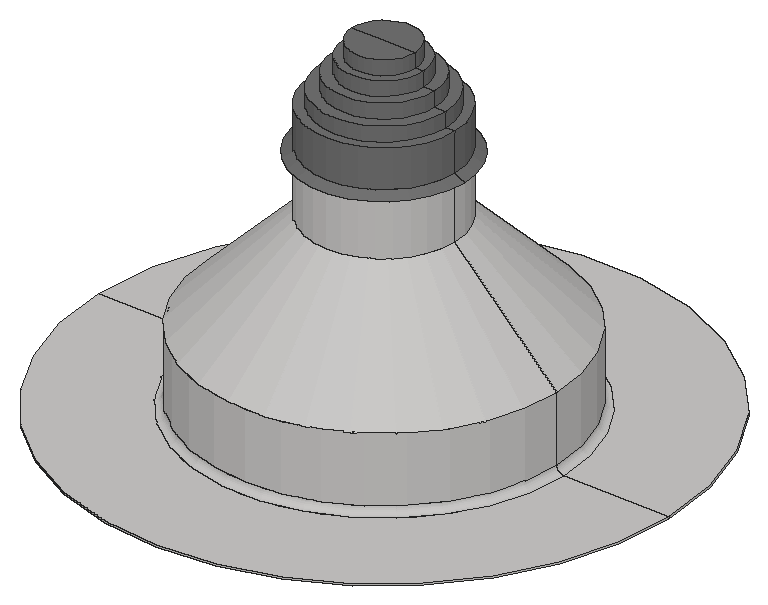
Revit family "Roof-Accessories_Menzies-Metal_Roof_Anchor_Flashing (1)", category Specialty Equipment, host Face, Revit 2018
Family settings
  Host = Face
  Round Connector Dimension = Use Diameter
  Part Type = Normal
  OmniClass Number = 23.70.50.21.24.11
  OmniClass Title = Roof Waste Water Drains
  Cut with Voids When Loaded = No
  Shared = No
  Room Calculation Point = No
Parameters (values of type "1 1/2"")
  Weight = 5.90 lbf
  Waste Connection = no
  Vent Connection = no
  URL = "https://www.menzies-metal.com/flat-roofing/roof-anchor-flashing/"
  Size = 3.49"
  Product data url = "https://www.bimobject.com/menzies-metal/product/roof-anchor-flashing"
  Product Material = Metal - Menzies Metal Products - Stainless Steel
  Product Guid = "3faf9270-de75-475c-b816-8947cb374fa5"
  Pipe diameter = 12"  # constant formula
  Pipe Length = 8"  # constant formula
  Model = "400-4400"
  Manufacturer = "Menzies Metal Products"  # constant formula
  HW Connection = no
  Edition number = 1
  Drain Flow = 0 GPM
  Description = "Roof Anchor Flashing"  # constant formula
  Default Elevation = 48"
  CW Connection = no
  Assembly Code = "D2040200"
Types (5): name | Size
  3" | 2.5"
  4" | 2"
  1 1/4" | 3.99992"
  1 1/2" | 3.49"
  2" | 3"
Reference planes (in)
  plane 1 "Center (Front/Back)": y = 0
  plane 2: z = 0
  plane 3 "Center (Left/Right)": x = 0
  plane 4: x = -6
  plane 5: x = 6
  plane 6: z = 2.55999
  plane 7: z = 8
  plane 8: z = 6
  plane 9: x = -2.5
  plane 10: x = -6.06
  plane 11: x = -6
  plane 12: x = 6
  plane 13: z = 6.08001
  plane 14: z = 8.06
  plane 15: z = 2.58103
Forms (in)
  Revolve 1, solid, material "Metal - Menzies Metal Products - Stainless Steel" <- "Product Material", detail levels medium+fine
    sketch origin (0, 0, 0) x (1, 0, 0) y (0, 0, 1)
      loop
        arc (-6.31442, 0) -> (-6.09209, 0.09209) -> (-6, 0.31442) r 0.31442
        line (-6, 0.31442) -> (-6, 2.55999) -> (-2.44, 6.05897) -> (-2.44, 8) -> (0, 8) -> (0, 8.06) -> (-2.5, 8.06) -> (-2.5, 6.08001) -> (-6.06, 2.58103) -> (-6.06, 0.30999)
        arc (-6.06, 0.30999) -> (-6.13322, 0.13322) -> (-6.31, 0.05999) r 0.25
        line (-6.31, 0.05999) -> (-10, 0.05999) -> (-10, 0) -> (-6.31442, 0)
      axis (0, 8.06) -> (0, 0)
    angle from 0 to 360
  Revolve 2, solid, material "Metal - Menzies Metal Products - Rubber", detail levels medium+fine
    sketch origin (0, 0, 0) x (1, 0, 0) y (0, 0, 1)
      loop
        line (0, 8.06) -> (0, 12.05992) -> (-0.86, 12.05992) -> (-0.86, 11.55992) -> (-1.11, 11.55992) -> (-1.11, 11.06) -> (-1.39423, 11.06) -> (-1.39423, 10.56) -> (-1.77211, 10.56) -> (-1.77211, 10.06) -> (-2.17167, 10.06) -> (-2.17167, 9.56) -> (-2.5, 9.56) -> (-2.5, 8.25146) -> (-2.83162, 8.06) -> (0, 8.06)
      axis (0, 12.05992) -> (0, 8.06)
    angle from 0 to 360
  Revolve 3, solid, material "Metal - Menzies Metal Products - Stainless Steel" <- "Product Material", detail levels coarse
    sketch origin (0, 0, 0) x (1, 0, 0) y (0, 0, 1)
      loop
        line (0, 0) -> (0, 8.06) -> (-2.5, 8.06) -> (-2.5, 6.08001) -> (-6.06, 2.58405) -> (-6.06, 0.29774) -> (-6.29775, 0.05999) -> (-10, 0.05999) -> (-10, 0) -> (0, 0)
      axis (0, 8.06) -> (0, 0)
    angle from 0 to 360
  Revolve 4, void
    sketch origin (0, 0, 0) x (1, 0, 0) y (0, 0, 1)
      loop
        line (0, 11.55) -> (0, 15.3) -> (-5, 15.3) -> (-5, 11.55) -> (0, 11.55)
      axis (0, 15.3) -> (0, 11.55)
    angle from 0 to 360
  Revolve 5, solid, material "Metal - Menzies Metal Products - Rubber", detail levels coarse
    sketch origin (0, 0, 0) x (1, 0, 0) y (0, 0, 1)
      loop
        line (0, 8.06) -> (0, 11.55) -> (-1.11, 11.55) -> (-1.11, 11.06) -> (-1.39423, 11.06) -> (-1.39423, 10.56) -> (-1.77211, 10.56) -> (-1.77211, 10.06) -> (-2.17167, 10.06) -> (-2.17167, 9.56) -> (-2.5, 9.56) -> (-2.5, 8.06) -> (0, 8.06)
      axis (0, 11.55) -> (0, 8.06)
    angle from 0 to 360
Cuts and joins
  Revolve 4 cuts Revolve 2
  Revolve 4 cuts Revolve 5
Lines and regions (in)
  Masking region 1
    outline origin (0, 0, 0) x (1, 0, 0) y (0, 1, 0)
      loop
        circle (0, 0) r 10
  symbolic lines
    curve 1: arc (6.29775, 0, 0) -> (0, 6.29775, 0) -> (-6.29775, 0, 0) r 6.29775
    curve 2: arc (-6.29775, 0, 0) -> (0, -6.29775, 0) -> (6.29775, 0, 0) r 6.29775
    curve 3: arc (6.06, 0, 0) -> (0, -6.06, 0) -> (-6.06, 0, 0) r 6.06
    curve 4: arc (-6.06, 0, 0) -> (0, 6.06, 0) -> (6.06, 0, 0) r 6.06
    curve 5: arc (2.83162, 0, 0) -> (0, -2.83162, 0) -> (-2.83162, 0, 0) r 2.83162
    curve 6: arc (-2.83162, 0, 0) -> (0, 2.83162, 0) -> (2.83162, 0, 0) r 2.83162
    curve 7: arc (-2.5, 0, 0) -> (0, 2.5, 0) -> (2.5, 0, 0) r 2.5
    curve 8: arc (2.5, 0, 0) -> (0, -2.5, 0) -> (-2.5, 0, 0) r 2.5
    curve 9: arc (2.17167, 0, 0) -> (0, -2.17167, 0) -> (-2.17167, 0, 0) r 2.17167
    curve 10: arc (-2.17167, 0, 0) -> (0, 2.17167, 0) -> (2.17167, 0, 0) r 2.17167
    curve 11: arc (-1.77211, 0, 0) -> (0, 1.77211, 0) -> (1.77211, 0, 0) r 1.77211
    curve 12: arc (1.77211, 0, 0) -> (0, -1.77211, 0) -> (-1.77211, 0, 0) r 1.77211
    curve 13: arc (1.39423, 0, 0) -> (0, -1.39423, 0) -> (-1.39423, 0, 0) r 1.39423
    curve 14: arc (-1.39423, 0, 0) -> (0, 1.39423, 0) -> (1.39423, 0, 0) r 1.39423
    curve 15: arc (-0.86, 0, 0) -> (0, 0.86, 0) -> (0.86, 0, 0) r 0.86
    curve 16: arc (0.86, 0, 0) -> (0, -0.86, 0) -> (-0.86, 0, 0) r 0.86
Dimensions and locks (in)
  equal spacing: plane 5, plane 3 "Center (Left/Right)", plane 4
  "Pipe diameter": plane 5 to plane 4
  Revolve 1 sketch curve to Revolve 1 sketch curve = 4"
  Revolve 2 sketch curve to Revolve 2 sketch curve = 2.5"
  equal spacing: plane 12, plane 3 "Center (Left/Right)", plane 11
  plane 12 to plane 11 = 12"
  Revolve 2 sketch curve to Revolve 2 sketch curve = 0.19146"
  Revolve 2 sketch curve to Revolve 2 sketch curve = 1.5"
  "Size": Revolve 4 to Revolve 2
  "Pipe Length": plane 7 to host face
  aligned and locked: plane 2 to host face
  aligned and locked: level to host face
  aligned and locked: Revolve 1 sketch curve to plane 3 "Center (Left/Right)"  (x2)
  aligned and locked: Revolve 2 sketch curve to plane 3 "Center (Left/Right)"
  aligned and locked: plane 10 to Revolve 1
  aligned and locked: plane 11 to Revolve 1
  aligned and locked: plane 13 to Revolve 1
  aligned and locked: plane 14 to Revolve 1
  aligned and locked: Revolve 3 sketch curve to Revolve 1
  aligned and locked: Revolve 3 sketch curve to plane 3 "Center (Left/Right)"
  aligned and locked: Revolve 4 sketch curve to plane 3 "Center (Left/Right)"
  aligned and locked: Revolve 5 sketch curve to plane 3 "Center (Left/Right)"
  aligned and locked: plane 9 to Revolve 1 sketch curve
  aligned and locked: Masking region 1 sketch curve to Revolve 3  (x2)
  aligned and locked: curve 1 to Revolve 3
  aligned and locked: curve 2 to Revolve 3
  aligned and locked: curve 3 to Revolve 3
  aligned and locked: curve 4 to Revolve 3
  aligned and locked: curve 5 to cut or joined group of Revolve 2, Revolve 4
  aligned and locked: curve 6 to cut or joined group of Revolve 2, Revolve 4
  aligned and locked: curve 7 to Revolve 3
  aligned and locked: curve 8 to Revolve 3
  aligned and locked: curve 9 to cut or joined group of Revolve 4, Revolve 5
  aligned and locked: curve 10 to cut or joined group of Revolve 4, Revolve 5
  aligned and locked: curve 11 to cut or joined group of Revolve 4, Revolve 5
  aligned and locked: curve 12 to cut or joined group of Revolve 4, Revolve 5
  aligned and locked: curve 13 to cut or joined group of Revolve 4, Revolve 5
  aligned and locked: curve 14 to cut or joined group of Revolve 4, Revolve 5
  aligned and locked: curve 15 to cut or joined group of Revolve 2, Revolve 4
  aligned and locked: curve 16 to cut or joined group of Revolve 2, Revolve 4
Automatic sketch dimensions
  host sketch curve to host sketch curve = 94.66418"
  host sketch curve to host sketch curve = 96"
  Revolve 2 sketch curve to plane 3 "Center (Left/Right)" = 0"
  Revolve 2 sketch curve to Revolve 2 sketch curve = 0.33162"
  Revolve 2 sketch curve to Revolve 2 sketch curve = 0.32833"
  Revolve 2 sketch curve to Revolve 2 sketch curve = 0.39956"
  Revolve 2 sketch curve to Revolve 2 sketch curve = 0.37787"
  Revolve 2 sketch curve to Revolve 2 sketch curve = 0.28423"
  Revolve 2 sketch curve to Revolve 2 sketch curve = 0.25"
  level to Revolve 2 sketch curve = 8.06"
  Revolve 2 sketch curve to Revolve 2 sketch curve = 0.5"  (x4)
  Revolve 2 sketch curve to Revolve 2 sketch curve = 0.49992"
  Revolve 2 sketch curve to level = 24"
  Revolve 2 sketch curve to Revolve 2 sketch curve = 90.6589"
  Revolve 4 sketch curve to plane 3 "Center (Left/Right)" = 0"
  Revolve 4 sketch curve to Revolve 4 sketch curve = 5"
  level to Revolve 4 sketch curve = 11.55"
  Revolve 4 sketch curve to Revolve 4 sketch curve = 3.75"
  Revolve 4 sketch curve to level = 24"
  Revolve 4 sketch curve to Revolve 4 sketch curve = 86.00669"
  Revolve 5 sketch curve to plane 3 "Center (Left/Right)" = 0"
  Revolve 5 sketch curve to plane 3 "Center (Left/Right)" = 1.11"
  Revolve 5 sketch curve to Revolve 5 sketch curve = 0.28423"
  Revolve 5 sketch curve to Revolve 5 sketch curve = 0.37787"
  Revolve 5 sketch curve to Revolve 5 sketch curve = 0.39956"
  Revolve 5 sketch curve to Revolve 5 sketch curve = 0.32833"
  level to Revolve 5 sketch curve = 8.06"
  Revolve 5 sketch curve to Revolve 5 sketch curve = 1.5"
  Revolve 5 sketch curve to Revolve 5 sketch curve = 0.5"  (x3)
  Revolve 5 sketch curve to Revolve 5 sketch curve = 0.49"
  Revolve 5 sketch curve to level = 24"
  Revolve 5 sketch curve to Revolve 5 sketch curve = 91.16882"
  Revolve 3 sketch curve to level = 0"
  Revolve 3 sketch curve to plane 14 = 0"
  Revolve 3 sketch curve to plane 13 = 0"
  Revolve 3 sketch curve to plane 3 "Center (Left/Right)" = 0"
  level to Revolve 3 sketch curve = 0.05999"
  Revolve 3 sketch curve to plane 10 = 0.23775"
  Revolve 3 sketch curve to Revolve 3 sketch curve = 3.70225"
  Revolve 3 sketch curve to Revolve 3 sketch curve = 2.5"
  level to Revolve 3 sketch curve = 0.29774"
  Revolve 3 sketch curve to Revolve 3 sketch curve = 24"
  plane 15 to Revolve 3 sketch curve = 0.00302"
  Revolve 3 sketch curve to Revolve 3 sketch curve = 94.65882"
  Revolve 1 sketch curve to level = 0"
  Revolve 1 sketch curve to plane 4 = 0"
  Revolve 1 sketch curve to plane 7 = 0"
  Revolve 1 sketch curve to plane 6 = 0"
  Revolve 1 sketch curve to Revolve 1 sketch curve = 0.31442"
  Revolve 1 sketch curve to Revolve 1 sketch curve = 0.00442"
  plane 6 to Revolve 1 sketch curve = 0.02103"
  Revolve 1 sketch curve to plane 4 = 0.06"
  plane 9 to Revolve 1 sketch curve = 0.06"
  Revolve 1 sketch curve to Revolve 1 sketch curve = 0.05999"
  plane 8 to Revolve 1 sketch curve = 0.05897"
  Revolve 1 sketch curve to Revolve 1 sketch curve = 0.02103"
  plane 7 to Revolve 1 sketch curve = 0.06"
  Revolve 1 sketch curve to level = 24"
  Revolve 1 sketch curve to Revolve 1 sketch curve = 94.65882"
